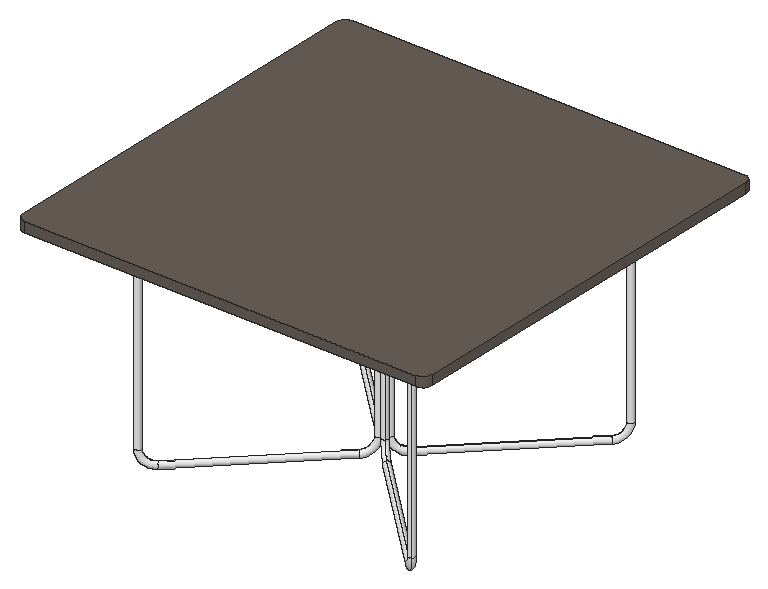
Revit family "Table-Mid_Square-Teknion-STKTM_Kogen-R2013", category Furniture, Revit 2013
Parameters (values of type "17 1/2" High")
  Width = 32.000"  # constant formula
  Warranty = "http://www.teknionstudio.com/pdfs/Teknion%20Studio%20Warranty.pdf"
  Unit Weight = 41.00 lbf
  URL = "www.teknionstudio.com"
  Table Top Finish [instance] = Veneer - Teknion - WD - Dark Walnut
  Series = "Teknion Studio"
  Salvage or Reuse = yes
  Product Page URL = "http://teknionstudio.com/teknionstudio/"
  Product Line = "Kogen"
  Product Documentation Link = "http://www.teknionstudio.com/pricing/STKTM_ppg.pdf"
  Part Number = "STKTM"
  Model = "STKTMA"
  Manufacturer Phone = "919-464-2920"
  Manufacturer Fax = "919-464-2927"
  Manufacturer Email = "mailto:customersupport@teknionstudio.com"
  Manufacturer Address = "3940 US 70 Business HWY West, Clayton, NC 27520"
  Manufacturer = "Teknion Studio"  # constant formula
  Height = 18.000"
  Description = "Kogen Mid Square Table 17 1/2\"\"h"
  Depth = Width  # 32.000"
  Assembly Code = "E2020200"
Reference planes (in)
  plane 1 "Center F/B": y = 0
  plane 2: z = 0
  plane 3 "Center L/R": x = 0
  plane 4 "Left": x = -16
  plane 5 "Right": x = 16
  plane 6 "Back": y = 16
  plane 7 "Front": y = -16
  plane 8 "Top": z = 18
  plane 9 "Center SE": through (-15.54865, 15.5485, 48) normal (0.7071, 0.7071, 0)
  plane 10 "Center SW": through (15.54865, 15.5485, 48) normal (0.7071, -0.7071, 0)
  plane 11 "Table Bottom": z = 17.25
  plane 12 "Beam Bottom": z = 17.125
Forms (in)
  Extrusion 1, solid, material "Veneer - Teknion - WD - Dark Walnut" <- "Table Top Finish"
    sketch origin (0, 0, 0) x (1, 0, 0) y (0, 1, 0)
      loop
        arc (-15.27061, 16) -> (-15.78637, 15.78637) -> (-16, 15.27061) r 0.72939
        line (-16, 15.27061) -> (-16, -15.271)
        arc (-16, -15.271) -> (-15.78648, -15.78648) -> (-15.271, -16) r 0.729
        line (-15.271, -16) -> (15.271, -16)
        arc (15.271, -16) -> (15.78648, -15.78648) -> (16, -15.271) r 0.729
        line (16, -15.271) -> (16, 15.271)
        arc (16, 15.271) -> (15.78648, 15.78648) -> (15.271, 16) r 0.729
        line (15.271, 16) -> (-15.27061, 16)
    from 17.25 to 18
  Extrusion 2, solid, material "Metal - Teknion - C6 - Chrome"
    sketch origin (0, 0, 0) x (1, 0, 0) y (0, 1, 0)
      loop
        line (-9.53966, 9.838) -> (-8.56766, 8.866) -> (8.56775, 8.866) -> (9.53975, 9.838) -> (-9.53966, 9.838)
      loop
        line (-9.83801, -9.53976) -> (-8.86557, -8.56732) -> (-8.86557, 8.56693) -> (-9.83801, 9.53937) -> (-9.83801, -9.53976)
      loop
        line (9.53936, -9.838) -> (8.56736, -8.866) -> (-8.56745, -8.866) -> (-9.53945, -9.838) -> (9.53936, -9.838)
      loop
        line (9.83801, 9.53946) -> (8.86601, 8.56746) -> (8.86601, -8.56767) -> (9.83801, -9.53967) -> (9.83801, 9.53946)
    from 17.125 to 17.25
  Sweep 3, solid, material "Metal - Teknion - C6 - Chrome"
    path origin (-0.00008, -0.00008, 0) x (-0.707107, 0.707107, 0) y (0, 0, 1)
      loop
        line (-1.56391, 17.008) -> (-13.90913, 17.008)
        arc (-13.90913, 17.008) -> (-14.77038, 16.65126) -> (-15.12713, 15.79) r 1.218
        line (-15.12713, 15.79) -> (-15.12713, 1.45977)
        arc (-15.12713, 1.45977) -> (-14.77047, 0.59872) -> (-13.90942, 0.24206) r 1.21771
        line (-13.90942, 0.24206) -> (-1.56391, 0.24206)
        arc (-1.56391, 0.24206) -> (-0.70265, 0.5988) -> (-0.34591, 1.46006) r 1.218
        line (-0.34591, 1.46006) -> (-0.34591, 15.79)
        arc (-0.34591, 15.79) -> (-0.70265, 16.65126) -> (-1.56391, 17.008) r 1.218
    profile origin (5.47047, -5.47062, 17.008) x (0, 0, -1) y (0.707107, 0.707107, 0)
      loop
        circle (0, 0) r 0.242
  Sweep 4, solid, material "Metal - Teknion - C6 - Chrome"
    path origin (-13.96543, 13.96528, 0) x (-0.707107, 0.707107, 0) y (0, 0, 1)
      loop
        line (-5.84109, 17.008) -> (-18.18631, 17.008)
        arc (-18.18631, 17.008) -> (-19.04756, 16.65126) -> (-19.40431, 15.79) r 1.218
        line (-19.40431, 15.79) -> (-19.40431, 1.45977)
        arc (-19.40431, 1.45977) -> (-19.04765, 0.59872) -> (-18.1866, 0.24206) r 1.21771
        line (-18.1866, 0.24206) -> (-5.84109, 0.24206)
        arc (-5.84109, 0.24206) -> (-4.97983, 0.5988) -> (-4.62309, 1.46006) r 1.218
        line (-4.62309, 1.46006) -> (-4.62309, 15.79)
        arc (-4.62309, 15.79) -> (-4.97983, 16.65126) -> (-5.84109, 17.008) r 1.218
    profile origin (-5.47047, 5.47032, 17.008) x (0, 0, -1) y (0.707107, 0.707107, 0)
      loop
        circle (0, 0) r 0.242
  Sweep 5, solid, material "Metal - Teknion - C6 - Chrome"
    path origin (0.00008, -0.00008, 0) x (0.707107, 0.707107, 0) y (0, 0, 1)
      loop
        arc (1.56369, 17.008) -> (0.70244, 16.65126) -> (0.34569, 15.79) r 1.218
        line (0.34569, 15.79) -> (0.34569, 1.46006)
        arc (0.34569, 1.46006) -> (0.70244, 0.5988) -> (1.56369, 0.24206) r 1.218
        line (1.56369, 0.24206) -> (13.9092, 0.24206)
        arc (13.9092, 0.24206) -> (14.77026, 0.59872) -> (15.12691, 1.45977) r 1.21771
        line (15.12691, 1.45977) -> (15.12691, 15.79)
        arc (15.12691, 15.79) -> (14.77017, 16.65126) -> (13.90891, 17.008) r 1.218
        line (13.90891, 17.008) -> (1.56369, 17.008)
    profile origin (5.47047, 5.47032, 17.008) x (0, 0, 1) y (0.707107, -0.707107, 0)
      loop
        circle (0, 0) r 0.242
  Sweep 6, solid, material "Metal - Teknion - C6 - Chrome"
    path origin (-13.25818, -13.25833, 0) x (0.707107, 0.707107, 0) y (0, 0, 1)
      loop
        arc (4.84087, 17.008) -> (3.97962, 16.65126) -> (3.62287, 15.79) r 1.218
        line (3.62287, 15.79) -> (3.62287, 1.46006)
        arc (3.62287, 1.46006) -> (3.97962, 0.5988) -> (4.84087, 0.24206) r 1.218
        line (4.84087, 0.24206) -> (17.18638, 0.24206)
        arc (17.18638, 0.24206) -> (18.04743, 0.59872) -> (18.40409, 1.45977) r 1.21771
        line (18.40409, 1.45977) -> (18.40409, 15.79)
        arc (18.40409, 15.79) -> (18.04735, 16.65126) -> (17.18609, 17.008) r 1.218
        line (17.18609, 17.008) -> (4.84087, 17.008)
    profile origin (-5.47047, -5.47062, 17.008) x (0, 0, 1) y (0.707107, -0.707107, 0)
      loop
        circle (0, 0) r 0.242
Lines and regions (in)
  Masking region 1
    outline origin (0, 0, 0) x (1, 0, 0) y (0, 1, 0)
      loop
        arc (-15.27061, 16) -> (-15.78637, 15.78637) -> (-16, 15.27061) r 0.72939
        line (-16, 15.27061) -> (-16, -15.271)
        arc (-16, -15.271) -> (-15.78648, -15.78648) -> (-15.271, -16) r 0.729
        line (-15.271, -16) -> (15.271, -16)
        arc (15.271, -16) -> (15.78648, -15.78648) -> (16, -15.271) r 0.729
        line (16, -15.271) -> (16, 15.271)
        arc (16, 15.271) -> (15.78648, 15.78648) -> (15.271, 16) r 0.729
        line (15.271, 16) -> (-15.27061, 16)
  symbolic lines, style "Hidden Lines", detail levels fine
    curve 1: line (9.49859, 9.838, 0) -> (-9.49859, 9.838, 0)
    curve 2: line (-8.52659, 8.866, 0) -> (8.52659, 8.866, 0)
    curve 3: line (-9.83801, 9.4986, 0) -> (-9.83801, -9.4986, 0)
    curve 4: line (-8.86557, -8.52616, 0) -> (-8.86557, 8.52616, 0)
    curve 5: line (8.52659, -8.866, 0) -> (-8.52659, -8.866, 0)
    curve 6: line (-9.49859, -9.838, 0) -> (9.49859, -9.838, 0)
    curve 7: line (8.86601, 8.5266, 0) -> (8.86601, -8.5266, 0)
    curve 8: line (9.83801, -9.4986, 0) -> (9.83801, 9.4986, 0)
  symbolic lines, style "Hidden Lines", detail levels medium+fine
    curve 9: line (-10.87333, -10.53392, 0) -> (-0.33941, 0, 0)
    curve 10: line (10.87333, 10.53392, 0) -> (0.33941, 0, 0)
    curve 11: line (0, 0.33941, 0) -> (10.53441, 10.87382, 0)
    curve 12: line (0, -0.33941, 0) -> (-10.53392, -10.87333, 0)
    curve 13: line (10.87333, -10.53392, 0) -> (0.33941, 0, 0)
    curve 14: line (0, -0.33941, 0) -> (10.53323, -10.87264, 0)
    curve 15: line (-10.53392, 10.87333, 0) -> (0, 0.33941, 0)
    curve 16: line (-0.33941, 0, 0) -> (-10.87333, 10.53392, 0)
    curve 17: arc (-10.87333, 10.53392, 0) -> (-10.87333, 10.87333, 0) -> (-10.53392, 10.87333, 0) r 0.24
    curve 18: arc (10.87333, 10.53392, 0) -> (10.87358, 10.87309, 0) -> (10.53441, 10.87382, 0) r 0.24
    curve 19: arc (10.87333, -10.53392, 0) -> (10.87298, -10.87368, 0) -> (10.53323, -10.87264, 0) r 0.24
    curve 20: arc (-10.87333, -10.53392, 0) -> (-10.87333, -10.87333, 0) -> (-10.53392, -10.87333, 0) r 0.24
Dimensions and locks (in)
  "Height": plane 8 "Top" to plane 2
  equal spacing: plane 4 "Left", plane 3 "Center L/R", plane 5 "Right"
  "Width": plane 4 "Left" to plane 5 "Right"
  equal spacing: plane 6 "Back", plane 1 "Center F/B", plane 7 "Front"
  "Depth": plane 6 "Back" to plane 7 "Front"
  locked: plane 8 "Top" to plane 11 "Table Bottom" at 0.75
  locked: plane 11 "Table Bottom" to plane 12 "Beam Bottom" at 0.125
  locked: Extrusion 2 sketch curve to Extrusion 2 sketch curve at 19.67602
  locked: Extrusion 2 sketch curve to Extrusion 2 sketch curve at 19.676
  equal spacing: Extrusion 2 sketch curve, plane 3 "Center L/R", Extrusion 2 sketch curve
  equal spacing: Extrusion 2 sketch curve, plane 1 "Center F/B", Extrusion 2 sketch curve
  locked: Extrusion 2 sketch curve to Extrusion 2 sketch curve at 0.972  (x3)
  locked: Extrusion 2 sketch curve to Extrusion 2 sketch curve at 0.97244
  locked: Extrusion 2 sketch curve to Extrusion 2 sketch curve at 0.42212
  locked: Extrusion 2 sketch curve to Extrusion 2 sketch curve at 0.422
  equal spacing: Extrusion 2 sketch curve, plane 9 "Center SE", Extrusion 2 sketch curve
  equal spacing: Extrusion 2 sketch curve, plane 10 "Center SW", Extrusion 2 sketch curve
  locked: plane 10 "Center SW" to Sweep 3 sketch curve at 0.3458
  locked: Sweep 3 sketch curve to Sweep 3 sketch curve at 14.78122
  locked: Sweep 3 sketch curve to level at 0.24206
  locked: Sweep 3 sketch curve to plane 11 "Table Bottom" at 0.242
  locked: Sweep 4 sketch curve to Sweep 4 sketch curve at 14.78122
  Sweep 4 sketch curve to plane 10 "Center SW" = 0.3458"
  locked: Sweep 4 sketch curve to level at 0.24206
  locked: plane 9 "Center SE" to Sweep 5 sketch curve at 0.3458
  locked: Sweep 5 sketch curve to Sweep 5 sketch curve at 14.78122
  locked: Sweep 5 sketch curve to level at 0.24206
  locked: Sweep 5 sketch curve to plane 11 "Table Bottom" at 0.242
  locked: Sweep 6 sketch curve to Sweep 6 sketch curve at 14.78122
  locked: Sweep 6 sketch curve to level at 0.24206
  locked: plane 11 "Table Bottom" to Sweep 6 sketch curve at 0.242  (x2)
  locked: Sweep 6 sketch curve to plane 9 "Center SE" at 0.3458
  locked: Sweep 4 sketch curve to plane 11 "Table Bottom" at 0.242
  locked: plane 11 "Table Bottom" to Sweep 3 sketch curve at 0.242
  locked: plane 11 "Table Bottom" to Sweep 4 sketch curve at 0.242
  locked: plane 11 "Table Bottom" to Sweep 5 sketch curve at 0.242
  curve 15 to plane 9 "Center SE" to curve 16 = 0.24011" locked, 0.23989" locked
  curve 10 to plane 10 "Center SW" to curve 11 = 0.23989" locked, 0.24011" locked
  curve 13 to plane 9 "Center SE" to curve 14 = 0.24011" locked, 0.23989" locked
  curve 12 to plane 10 "Center SW" to curve 9 = 0.23989" locked, 0.24011" locked
  Extrusion 2 sketch curve to plane 10 "Center SW" to Extrusion 2 sketch curve = 0.211" locked, 0.211" locked
  radius of Sweep 3 sketch curve = 0.242"
  radius of Sweep 4 sketch curve = 0.242"
  radius of Sweep 4 sketch curve = 1.218"  (x3)
  radius of Sweep 4 sketch curve = 1.21771"
  radius of Sweep 5 sketch curve = 0.242"
  radius of Sweep 6 sketch curve = 0.242"
  aligned and locked: level to plane 2
  aligned and locked: Extrusion 1 sketch curve to plane 6 "Back"
  aligned and locked: plane 4 "Left" to Extrusion 1 sketch curve
  aligned and locked: Extrusion 1 sketch curve to plane 7 "Front"
  aligned and locked: Extrusion 1 sketch curve to plane 5 "Right"
  aligned and locked: plane 8 "Top" to Extrusion 1
  aligned and locked: Extrusion 1 to plane 11 "Table Bottom"
  aligned and locked: Extrusion 2 sketch curve to Extrusion 2 sketch curve  (x2)
  aligned and locked: plane 11 "Table Bottom" to Extrusion 2
  aligned and locked: Extrusion 2 to plane 12 "Beam Bottom"
  aligned and locked: Masking region 1 sketch curve to Extrusion 1  (x4)
  aligned and locked: plane 9 "Center SE" to Sweep 3 sketch curve
  aligned and locked: plane 9 "Center SE" to Sweep 4 sketch curve
  aligned and locked: plane 10 "Center SW" to Sweep 6 sketch curve
  aligned and locked: plane 10 "Center SW" to Sweep 5 sketch curve
Automatic sketch dimensions
  plane 4 "Left" to Extrusion 1 sketch curve = 0.729"
  plane 4 "Left" to Extrusion 1 sketch curve = 0.72939"
  Extrusion 1 sketch curve to plane 5 "Right" = 0.729"  (x2)
  Extrusion 2 sketch curve to Extrusion 2 sketch curve = 0.29868"
  Sweep 3 sketch curve to Sweep 3 sketch curve = 1.21771"
  Sweep 3 sketch curve to Sweep 3 sketch curve = 1.218"
  plane 10 "Center SW" to Sweep 3 sketch curve = 1.5638"  (x2)
  plane 9 "Center SE" to Sweep 5 sketch curve = 1.5638"  (x2)
  Sweep 5 sketch curve to Sweep 5 sketch curve = 1.218"
  Sweep 5 sketch curve to Sweep 5 sketch curve = 1.21771"
  Sweep 6 sketch curve to Sweep 6 sketch curve = 1.218"  (x3)
  Sweep 6 sketch curve to plane 9 "Center SE" = 1.56351"
  curve 20 to curve 3 = 0.69591"
  curve 17 to curve 3 = 0.69591"
  curve 17 to curve 17 = 0.16971"  (x2)
  curve 20 to curve 20 = 0.16971"  (x2)
  curve 9 to plane 1 "Center F/B" = 0.000"
  curve 6 to curve 19 = 1.03464"
  curve 18 to curve 18 = 0.16921"
  curve 19 to curve 19 = 0.1704"
  curve 19 to curve 19 = 0.16971"
  curve 19 to curve 19 = 0.16901"
  curve 8 to curve 18 = 1.03532"
  curve 18 to curve 18 = 0.16971"
  curve 19 to curve 13 = 0.000"
  curve 20 to curve 9 = 0.000"
  curve 9 to curve 20 = 0.000"
  curve 5 to plane 3 "Center L/R" = 8.52659"
  curve 4 to curve 5 = 0.33898"
  curve 1 to curve 2 = 0.972"
  curve 6 to curve 5 = 0.972"
  curve 3 to curve 6 = 0.33942"
  curve 2 to curve 7 = 0.33942"
  curve 6 to curve 8 = 0.33942"
  curve 3 to curve 1 = 0.33942"
